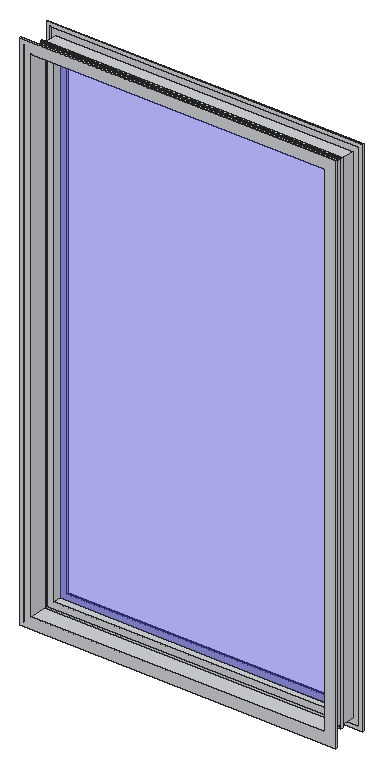
Revit family "1450_Fixed", category Windows, host Wall, Revit 2023
Family settings
  Host = Wall
  OmniClass Number = 23.30.20.00
  OmniClass Title = Windows
  Always vertical = Yes
  Cut with Voids When Loaded = No
  Shared = No
  Room Calculation Point = No
Parameters
  Height = 5' - 0"
  Glass Material = Glass
  Frame Material = none
  Depth From Exterior = 0' - 1"
  Default Sill Height = 3' - 0"
  Wall Closure = By host
  Width = 3' - 0"
Reference planes (in)
  plane 1 "Center (Front/Back)": y = 0
  plane 2: z = 0
  plane 3 "Center (Left/Right)": x = 0
  plane 4 "Left": x = -18
  plane 5 "Right": x = 18
  plane 6 "Sill": z = 36
  plane 7 "Top": z = 96
  plane 8: y = 3
  plane 9: y = 2
  plane 10: y = -0.001
  plane 11: y = 0.777
Forms (in)
  Sweep 1, solid
    path origin (0, 0, 0) x (1, 0, 0) y (0, 0, 1)
      loop
        line (18, 36) -> (18, 96) -> (-18, 96) -> (-18, 36) -> (18, 36)
    profile origin (0, 0, 36) x (0, 0, -1) y (0, -1, 0)
      loop
        line (0, -2) -> (0, -1.826) -> (-0.38089, -1.826) -> (-0.38089, -1.875) -> (-1.37517, -1.875) -> (-1.37517, -1.74219) -> (-1.06367, -1.74219) -> (-1.06367, -0.061) -> (-0.87, -0.061) -> (-0.87, 0.0905) -> (-0.932, 0.0905) -> (-0.932, 0.001) -> (-1.125, 0.001) -> (-1.125, 1.376) -> (-0.932, 1.376) -> (-0.932, 1.28589) -> (-0.87, 1.28589) -> (-0.87, 1.853) -> (-0.38089, 1.853) -> (-0.38089, 1.804) -> (0, 1.804) -> (0, 1.978) -> (-1.25, 1.978) -> (-1.25, 0.001) -> (-1.5, 0.001) -> (-1.5, -1.875) -> (-2.281, -1.875) -> (-2.281, -2) -> (0, -2)
  Sweep 2, solid
    path origin (0, 0, 0) x (1, 0, 0) y (0, 0, 1)
      loop
        line (-16.5, 37.5) -> (16.5, 37.5) -> (16.5, 94.5) -> (-16.5, 94.5) -> (-16.5, 37.5)
    profile origin (0, 0, 37.5) x (0, 0, 1) y (0, -1, 0)
      loop
        line (0.78093, 0.001) -> (0, 0.001) -> (0, -0.624) -> (0.35843, -0.624) -> (0.35843, -0.777) -> (0.78093, -0.777) -> (0.78093, 0.001)
  Sweep 3, solid, material "Glass" <- "Glass Material"
    path origin (0, 0, 0) x (0, 1, 0) y (0, 0, 1)
      loop
        line (1.875, 37.5) -> (1.875, 94.5)
    profile origin (0, 1.875, 66) x (0, -1, 0) y (1, 0, 0)
      loop
        line (0, -16.5) -> (0.25, -16.5) -> (0.25, 16.5) -> (0, 16.5) -> (0, -16.5)
      loop
        line (0.75, -16.5) -> (1, -16.5) -> (1, 16.5) -> (0.75, 16.5) -> (0.75, -16.5)
Lines and regions (in)
  Opening 1
    outline origin (-60, -3, 0) x (1, 0, 0) y (0, 0, 1)
      loop
        line (42, 96) -> (42, 36) -> (78, 36) -> (78, 96) -> (42, 96)
Text (in)
  text "EXTERIOR" at (-58.6888, 50.90694, 0), in view "Ref. Level"
  text "INTERIOR" at (-58.6888, -37.76638, 0), in view "Ref. Level"
  text "Exterior" at (0, 43.65631, 123.19604), in view "Left"
  text "Exterior" at (0, 18.29385, 125.04747), in view "Right"
Dimensions and locks (in)
  equal spacing: plane 4 "Left", plane 3 "Center (Left/Right)", plane 5 "Right"
  "Height": plane 6 "Sill" to plane 7 "Top"
  "Default Sill Height": plane 2 to plane 6 "Sill"
  "Depth From Exterior": plane 8 to plane 9
  "Width": plane 4 "Left" to plane 5 "Right"
  locked: plane 11 to plane 10 at 0.778
  locked: plane 9 to plane 10 at 2.001
  aligned and locked: plane 7 "Top" to Opening 1 sketch curve
  aligned and locked: plane 6 "Sill" to Opening 1 sketch curve  (x2)
  aligned and locked: plane 5 "Right" to Opening 1 sketch curve
  aligned and locked: plane 4 "Left" to Opening 1 sketch curve
  aligned and locked: level to plane 2
  aligned and locked: Sweep 1 sketch curve to plane 7 "Top"
  aligned and locked: plane 4 "Left" to Sweep 1 sketch curve
  aligned and locked: plane 6 "Sill" to Sweep 1 sketch curve
  aligned and locked: Sweep 1 sketch curve to plane 5 "Right"
  aligned and locked: Sweep 2 sketch curve to Sweep 1  (x4)
  aligned and locked: Sweep 3 sketch curve to Sweep 1  (x5)
  aligned and locked: plane 8 to host wall
  aligned and locked: plane 9 to Sweep 1
  aligned and locked: plane 10 to Sweep 2
  aligned and locked: plane 10 to Sweep 1
  aligned and locked: plane 11 to Sweep 2
Automatic sketch dimensions
  Sweep 1 sketch curve to plane 7 "Top" = 0' - 0"
  profile plane to Sweep 1 sketch curve = 0' - 2.281"
  Sweep 1 sketch curve to Sweep 1 sketch curve = 0' - 0.781"
  Sweep 1 sketch curve to Sweep 1 sketch curve = 0' - 0.12483"
  Sweep 1 sketch curve to Sweep 1 sketch curve = 0' - 0 1/4"
  Sweep 1 sketch curve to Sweep 1 sketch curve = 0' - 0 1/8"
  Sweep 1 sketch curve to Sweep 1 sketch curve = 0' - 0.3115"
  Sweep 1 sketch curve to Sweep 1 sketch curve = 0' - 0.13167"
  Sweep 1 sketch curve to Sweep 1 sketch curve = 0' - 0.193"
  Sweep 1 sketch curve to Sweep 1 sketch curve = 0' - 0.062"  (x3)
  Sweep 1 sketch curve to Sweep 1 sketch curve = 0' - 0.48911"
  Sweep 1 sketch curve to Sweep 1 sketch curve = 0' - 0.68279"
  Sweep 1 sketch curve to Sweep 1 sketch curve = 0' - 0.38089"  (x2)
  Sweep 1 sketch curve to plane 1 "Center (Front/Back)" = 0' - 1 7/8"
  Sweep 1 sketch curve to Sweep 1 sketch curve = 0' - 0"  (x2)
  Sweep 1 sketch curve to Sweep 1 sketch curve = 0' - 0.049"  (x2)
  Sweep 1 sketch curve to Sweep 1 sketch curve = 0' - 0 17/128"
  Sweep 1 sketch curve to Sweep 1 sketch curve = 0' - 1.68119"
  Sweep 1 sketch curve to Sweep 1 sketch curve = 0' - 0.0895"
  Sweep 1 sketch curve to Sweep 1 sketch curve = 0' - 1.19539"
  Sweep 1 sketch curve to Sweep 1 sketch curve = 0' - 0.09011"
  Sweep 1 sketch curve to Sweep 1 sketch curve = 0' - 0.51811"
  Sweep 1 sketch curve to Sweep 1 sketch curve = 0' - 0.174"  (x2)
  profile plane to Sweep 2 sketch curve = 0' - 0"
  Sweep 2 sketch curve to Sweep 2 sketch curve = 0' - 0.35843"
  Sweep 2 sketch curve to Sweep 2 sketch curve = 0' - 0.4225"
  Sweep 2 sketch curve to plane 1 "Center (Front/Back)" = 0' - 0.777"
  Sweep 2 sketch curve to Sweep 2 sketch curve = 0' - 0.153"
  Sweep 2 sketch curve to Sweep 2 sketch curve = 0' - 0 5/8"
  Sweep 3 sketch curve to plane 6 "Sill" = 0' - 1 1/2"
  plane 7 "Top" to Sweep 3 sketch curve = 0' - 1 1/2"
  profile plane to Sweep 3 sketch curve = 0' - 0"
  Sweep 3 sketch curve to Sweep 3 sketch curve = 0' - 0 1/4"  (x2)
  Sweep 3 sketch curve to Sweep 3 sketch curve = 0' - 0 3/4"
